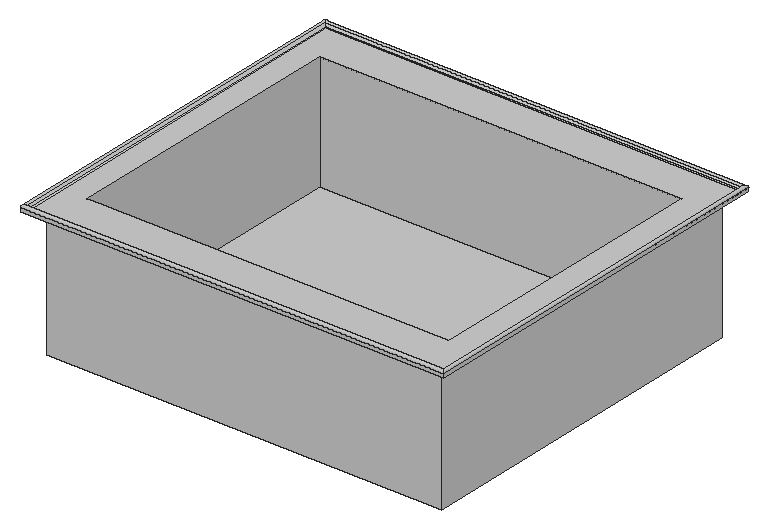
Revit family "QF_VOLLRATH_36441R", category Specialty Equipment, Revit 2016
Family settings
  Part Type = Normal
  Round Connector Dimension = Use Diameter
  OmniClass Number = 23.40.40.14.24.14
  OmniClass Title = Service Line Equipment
  Work Plane-Based = Yes
  Always vertical = Yes
  Cut with Voids When Loaded = Yes
  Shared = No
  Room Calculation Point = No
Parameters (values of type "36441R")
  Weight in Pounds = 0
  Waste Water Discharge Temperature [instance] = 0 °F
  Waste Remarks = ""
  URL Cutsheet = "www.vollrathfoodservice.com/downloads/59989/SPCDrop-inRemoteRefrigNSF7StndrdColdPanL35708en2013-07-30-pdf"
  URL = "www.vollrathfoodservice.com"
  Status [instance] = ""
  Specification by User [instance] = ""
  Specification by Manufacturer = ""
  Serial Number = ""
  Seismic Rating = ""
  SMACNA No = ""
  Revision Code [instance] = ""
  Refrigerant Volume = 0.00 kip
  Refrigerant Type [instance] = "R290"
  Plumbing Remarks [instance] = ""
  Plumbing Connection Type [instance] = ""
  NAFEM Spec ID Number = ""
  Model = "36441R"
  Masterspec = ""
  Manufacturer = "VOLLRATH US"
  Item Number [instance] = ""
  Installed By [instance] = ""
  Identify Quantity as Lot [instance] = no
  Furnished By [instance] = ""
  Foodservice Equipment Identifier [instance] = yes
  Direct Waste Size = 1"
  Direct Waste RI Height = 0"
  Direct Waste Flow = 0 GPM
  Direct Waste Connection Height = 0"
  Description = "TWO-WELL REMOTE REFRIGERATED STANDARD DROP-IN COLD WELL"
  Default Elevation = 0"
  CSI MasterFormat = ""
  BTUH = 1500.0 Btu/h
  Author = ""
  Assembly Code = "E1090320"
Reference planes (in)
  plane 1 "Back": y = 0
  plane 2: z = 0
  plane 3 "Left": x = 0
  plane 4 "Front": y = -26
  plane 5 "Top": z = 0
  plane 6 "Right": x = 29
Forms (in)
  Extrusion 1, void
    sketch origin (0, 0, 0) x (1, 0, 0) y (0, 1, 0)
      loop
        line (28.625, -0.375) -> (0.375, -0.375) -> (0.375, -25.625) -> (28.625, -25.625) -> (28.625, -0.375)
    from 3.27425 to -8.875
  Extrusion 2, solid
    sketch origin (0, 0, 0) x (1, 0, 0) y (0, 1, 0)
      loop
        line (0.625, -0.625) -> (0.625, -25.375) -> (28.375, -25.375) -> (28.375, -0.625) -> (0.625, -0.625)
      loop
        line (2.125, -3.0625) -> (2.125, -22.9375) -> (26.875, -22.9375) -> (26.875, -3.0625) -> (2.125, -3.0625)
    from 0 to 0.14643
  Sweep 3, solid
    path origin (0, 0, 0) x (1, 0, 0) y (0, 1, 0)
      loop
        line (0.34375, -0.34375) -> (0.34375, -25.65625) -> (28.65625, -25.65625) -> (28.65625, -0.34375) -> (0.34375, -0.34375)
    profile origin (14.5, -0.34375, 0) x (0, 1, 0) y (0, 0, 1)
      loop
        line (0.34375, 0) -> (0.34375, 0.24548)
        arc (0.34375, 0.24548) -> (0.25632, 0.36797) -> (0.11207, 0.3251) r 0.12952
        line (0.11207, 0.3251) -> (0.00446, 0.18703)
        arc (0.00446, 0.18703) -> (-0.03241, 0.15713) -> (-0.07866, 0.14643) r 0.10539
        line (-0.07866, 0.14643) -> (-0.28125, 0.14643) -> (-0.28125, 0) -> (0.34375, 0)
  Extrusion 4, solid
    sketch origin (1.5, -4, 1.875) x (1, 0, 0) y (0, 1, 0)
      loop
        circle (13, -9) r 0.5
      loop
        circle (13, -9) r 0.75
    from -9.68 to -10.75
  Extrusion 5, solid
    sketch origin (0, 0, 2.5) x (1, 0, 0) y (0, 1, 0)
      loop
        line (26.875, -3.0625) -> (2.125, -3.0625) -> (2.125, -22.9375) -> (26.875, -22.9375) -> (26.875, -3.0625)
      loop
        circle (14.5, -13) r 0.75
    from -11.375 to -10.305
  Extrusion 6, solid
    sketch origin (0, 0, 0.375) x (1, 0, 0) y (0, 1, 0)
      loop
        line (26.875, -3.0625) -> (2.125, -3.0625) -> (2.125, -22.9375) -> (26.875, -22.9375) -> (26.875, -3.0625)
      loop
        line (1, -1) -> (1, -25) -> (28, -25) -> (28, -1) -> (1, -1)
    from -9.25 to -0.375
Cuts and joins
  joined: Extrusion 2, Sweep 3, Extrusion 5, Extrusion 6
Lines and regions (in)
  symbolic lines, style "200-EquipBorder-2D"
    curve 1: line (29, 0, 0) -> (0, 0, 0)
    curve 2: line (29, -26, 0) -> (29, 0, 0)
    curve 3: line (0, 0, 0) -> (0, -26, 0)
    curve 8: line (0, -26, 0) -> (29, -26, 0)
  symbolic lines, style "200-EquipInternal-2D"
    curve 4: line (26.875, -3.0625, 0) -> (2.125, -3.0625, 0)
    curve 5: line (26.875, -22.9375, 0) -> (26.875, -3.0625, 0)
    curve 6: line (2.125, -22.9375, 0) -> (26.875, -22.9375, 0)
    curve 7: line (2.125, -3.0625, 0) -> (2.125, -22.9375, 0)
    curve 9: arc (14, -13, 0) -> (14.5, -12.5, 0) -> (15, -13, 0) r 0.5
    curve 10: arc (15, -13, 0) -> (14.5, -13.5, 0) -> (14, -13, 0) r 0.5
    curve 11: arc (13.75, -13, 0) -> (14.5, -12.25, 0) -> (15.25, -13, 0) r 0.75
    curve 12: arc (15.25, -13, 0) -> (14.5, -13.75, 0) -> (13.75, -13, 0) r 0.75
Dimensions and locks (in)
  plane 3 "Left" to plane 6 "Right" = 29"
  plane 4 "Front" to plane 1 "Back" = 26"
  aligned and locked: level to plane 2
Connectors (in)
  piping at (14.5, -13, -8.875), diameter 1, driven by "Direct Waste Flow", driven by "Direct Waste Size"
    settings: on cut or joined group of Extrusion 2, Sweep 3, Extrusion 5, Extrusion 6, index 1, connector inside diameter 24", connector length 0", flow factor 0, pipe flow 0 GPM, pressure drop 0.00 psi, fitting loss kfactor 0, connector angle 0.00°, fixture units 0, engagement length 0", angle of deflection 0.00°, flow configuration 1, flow direction 2, fitting loss method 0, system type 16, joint type 0, gender type 0, connector reference index -1, connector utility 0, adjustable connector no, is connector primary yes, connector description "Drain"
  piping at (25, -4, -8.875), diameter 0.3125
    settings: on Extrusion 5, index 2, connector inside diameter 24", connector length 0", flow factor 0, pipe flow 0 GPM, pressure drop 0.00 psi, fitting loss kfactor 0, connector angle 0.00°, fixture units 0, engagement length 0", angle of deflection 0.00°, flow configuration 1, flow direction 1, fitting loss method 0, system type 22, joint type 0, gender type 0, connector reference index -1, connector utility 0, adjustable connector no, is connector primary no, connector description "Refrigeration inlet"
  piping at (24, -4, -8.875), diameter 0.3125
    settings: on Extrusion 5, index 3, connector inside diameter 24", connector length 0", flow factor 0, pipe flow 0 GPM, pressure drop 0.00 psi, fitting loss kfactor 0, connector angle 0.00°, fixture units 0, engagement length 0", angle of deflection 0.00°, flow configuration 1, flow direction 2, fitting loss method 0, system type 22, joint type 0, gender type 0, connector reference index -1, connector utility 0, adjustable connector no, is connector primary no, connector description "Refrigeration outlet"
